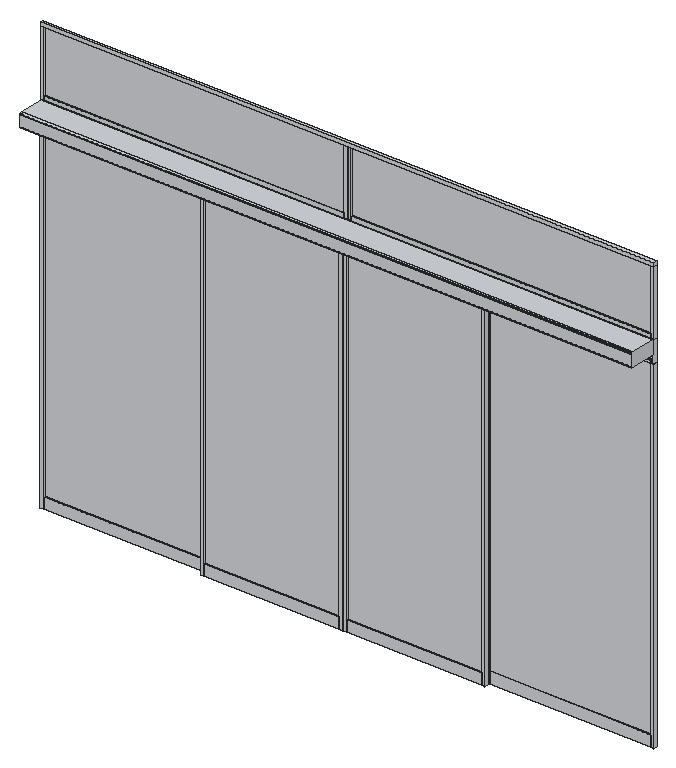
Revit family "SL510 Slim_SlimECO 2-Flg. m.Seitenteile – Laibungsmontage", category Türen, Revit 2018
Family settings
  Basisbauteil = Wand
  OmniClass-Nummer = 23.30.10.00
  OmniClass-Titel = Doors
  Immer vertikal = Ja
  Beim Laden mit Abzugskörper schneiden = Nein
  Gemeinsam genutzt = Nein
  Raumberechnungspunkt = Nein
Parameters (values of type "SL510 Slim_SlimECO 2-Flg. m.Seitenteile u.Oberlichte – Laibungsmontage")
  ohne Schutzflügel [instance] = if(or([Schutzflügel - drehbar], [Schutzflügel - drehbar + Bodenschloß], [Schutzflügel - schiebbar]), 1 = 0, 1 = 1)  # yes
  X [instance] = if(or([Schutzflügel - drehbar], [Schutzflügel - drehbar + Bodenschloß], [Schutzflügel - schiebbar]), 25 mm, 200 mm)  # 200 mm
  Warnung Abmessungen 4 [instance] = if(Oberlicht, if(Oberlicht Höhe < 250 mm, 1 = 1, if(Oberlicht Höhe > 1000 mm, 1 = 1, 1 = 0)), 1 = 0)  # no
  Warnung Abmessungen 3 [instance] = if(Seitenteil Breite < 300 mm, 1 = 1, if(Seitenteil Breite > 1500 mm, 1 = 1, 1 = 0))  # no
  Warnung Abmessungen 2 [instance] = if(Durchgangslichte Höhe < 1900 mm, 1 = 1, if(Durchgangslichte Höhe > 3000 mm, 1 = 1, 1 = 0))  # no
  Warnung Abmessungen 1 [instance] = if(Durchgangslichte Breite < 975 mm, 1 = 1, if(Durchgangslichte Breite > 3000 mm, 1 = 1, 1 = 0))  # no
  Wandaufbau Pfeilseite [instance] = 0 mm
  Wandaufbau Gegenseite [instance] = 0 mm
  Seitenteil Breite [instance] = (CL - COW) / 2 + 7.5 mm  # 1223 mm
  Schutzflügel - schiebbar [instance] = no
  Schutzflügel - drehbar + Bodenschloß [instance] = no
  Schutzflügel - drehbar [instance] = no
  SW [instance] = if(Seitenteil Breite < 300 mm, 300 mm, if(Seitenteil Breite > 1500 mm, 1500 mm, Seitenteil Breite))  # 1223 mm
  SH [instance] = if(Oberlicht, Height - OH - 156 mm, Height - 156 mm)  # 2505 mm
  Rahmen [instance] = none
  PSFW [instance] = COW / 2 + 95 mm  # 1095 mm
  PSFH [instance] = COH  # 2500 mm
  Rough Height [instance] = Höhe ab FBOK + Fußbodenaufbau  # 3361 mm
  Rough Width [instance] = Width + Montagefuge Breite * 2  # 4456 mm
  Oberlicht zweigeteilt = no
  Oberlicht Höhe = 500 mm
  Oberlicht = yes
  OH [instance] = if(Oberlicht Höhe < 250 mm, 250 mm, if(Oberlicht Höhe > 1000 mm, 1000 mm, Oberlicht Höhe))  # 500 mm
  Montagefuge Breite = 5 mm
  Kollisionskörper = no
  IFC_Widerstandsklasse = " "  # constant formula
  IFC_Selbstschliessend [instance] = 1 = 0  # no
  IFC_Schallschutzklasse = 0  # constant formula
  IFC_Rauchschutz [instance] = 1 = 0  # no
  IFC_Notausgang [instance] = no
  IFC_Luftdurchlässigkeit = 0  # constant formula
  IFC_Glasflächenanteil = 0  # constant formula
  IFC_Behindertengerecht [instance] = no
  IFC_Beanspruchungsklasse = " "  # constant formula
  IFC_Antrieb [instance] = 1 = 1  # yes
  Höhe ab FBOK berechnen = yes
  Höhe ab FBOK [instance] = if(Oberlicht, OH + COH + 156 mm + Montagefuge Breite, COH + 156 mm + Montagefuge Breite)  # 3161 mm
  Glasstärke = 8 mm
  Glas [instance] = none
  Fußbodenaufbau [instance] = 200 mm
  Freiraum [instance] = COW + ((DW + X) * 2)  # 4456 mm
  Familienversion = "1.0"  # constant formula
  Durchgangslichte Höhe [instance] = 2500 mm
  Durchgangslichte Breite [instance] = 2000 mm
  Height [instance] = if(Höhe ab FBOK berechnen, Höhe ab FBOK, Rough Height)  # 3161 mm
  Wandabschluss = Nach Basisbauteil
  Dicke = 20 mm
  DW [instance] = COW / 2 + 28 mm  # 1028 mm
  DH [instance] = COH + 55 mm  # 2555 mm
  COW [instance] = if(Durchgangslichte Breite < 975 mm, 975 mm, if(Durchgangslichte Breite > 3000 mm, 3000 mm, Durchgangslichte Breite))  # 2000 mm
  COH [instance] = if(Durchgangslichte Höhe < 1900 mm, 1900 mm, if(Durchgangslichte Höhe > 3000 mm, 3000 mm, Durchgangslichte Höhe))  # 2500 mm
  CL [instance] = if(or([Schutzflügel - drehbar], [Schutzflügel - drehbar + Bodenschloß], [Schutzflügel - schiebbar]), 2 * COW + 195 mm, 2 * COW + 431 mm)  # 4431 mm
  CH [instance] = DH + 13 mm  # 2568 mm
  Width [instance] = COW + SW * 2  # 4446 mm
  Antrieb [instance] = none
Reference planes
  plane 1: y = 0
  plane 2 "Mitte (Links/rechts)": x = 278.5
  plane 3 "Links": x = -1949.5
  plane 4 "Rechts": x = 2506.5
  plane 5: z = 3161
  plane 6 "außen": y = 75
  plane 7 "Innen": y = -75
  plane 8 "TOP": z = 2563
  plane 9 "D CL": y = 11
  plane 10 "D R": x = 282
  plane 11: z = 8
  plane 12 "COW L": x = -721.5
  plane 13 "COW R": x = 1278.5
  plane 14 "CH": z = 2568
  plane 15 "COH": z = 2500
  plane 16: z = 2656
  plane 17 "D L": x = 275
  plane 18 "Wandwaufbau Innen": y = -75
  plane 19 "Wandaufbau Außen": y = 75
  plane 20: x = -1749.5
  plane 21: x = 2306.5
  plane 22: x = -1944.5
  plane 23: x = 2501.5
  plane 24: z = 3156
  plane 25: x = -1949.5
  plane 26: x = 2506.5
  plane 27 "Basis": z = 0
  plane 28 "RD OK": z = -200
  plane 29: y = 51
  plane 30: y = 43
Lines and regions (mm)
  Opening 1
    outline origin (-3680, -75, 0) x (1, 0, 0) y (0, 0, 1)
      loop
        line (1730.5, 3161) -> (1730.5, -200) -> (6186.5, -200) -> (6186.5, 3161) -> (1730.5, 3161)
  symbolic lines, style "DoorsHiddenLines", detail levels medium+fine
    curve 1: line (-1949.5, 75, 0) -> (2506.5, 75, 0)
    curve 8: line (-1949.5, -75, 0) -> (2506.5, -75, 0)
  symbolic lines, style "DoorsHiddenLines"
    curve 2: line (1309, 21, 0) -> (2306.5, 21, 0)
    curve 3: line (2306.5, 21, 0) -> (2306.5, 1, 0)
    curve 4: line (2306.5, 1, 0) -> (1309, 1, 0)
    curve 5: line (-752, 21, 0) -> (-1749.5, 21, 0)
    curve 6: line (-1749.5, 21, 0) -> (-1749.5, 1, 0)
    curve 7: line (-1749.5, 1, 0) -> (-752, 1, 0)
    curve 9: line (-1949.5, -4, 0) -> (-1949.5, 26, 0)
    curve 10: line (2506.5, -4, 0) -> (2506.5, 26, 0)
Text (mm)
  text "Exterior" at (-3174.321, 1099.543, 0), in view "Ref.-Ebene"
  text "Exterior" at (0, 1615.38, 3698.081), in view "Links"
  text "Exterior" at (0, 1036.032, 3874.932), in view "Rechts"
Dimensions and locks
  equal spacing: plane 3 "Links", plane 2 "Mitte (Links/rechts)", plane 4 "Rechts"
  "Width": plane 22 to plane 23
  "Höhe ab FBOK": level to plane 5
  locked: plane 6 "außen" to host wall at 0
  locked: plane 7 "Innen" to host wall
  plane 3 "Links" to plane 2 "Mitte (Links/rechts)" to plane 4 "Rechts" = 2228 mm, 2228 mm
  plane 19 "Wandaufbau Außen" to plane 9 "D CL" = 64 mm
  "CH": plane 14 "CH" to level
  "DH": plane 8 "TOP" to plane 11
  locked: plane 11 to level at 8
  "COH": plane 15 "COH" to level
  "OH": plane 24 to plane 16
  equal spacing: plane 12 "COW L", plane 2 "Mitte (Links/rechts)", plane 13 "COW R"
  "COW": plane 12 "COW L" to plane 13 "COW R"
  "Wandaufbau Pfeilseite": plane 18 "Wandwaufbau Innen" to plane 7 "Innen"
  "Wandaufbau Gegenseite": plane 19 "Wandaufbau Außen" to plane 6 "außen"
  plane 18 "Wandwaufbau Innen" to nested 4 = 134 mm
  "DW": plane 13 "COW R" to plane 21
  "DW": plane 20 to plane 12 "COW L"
  "Montagefuge Breite": plane 23 to plane 4 "Rechts"
  "Montagefuge Breite": plane 3 "Links" to plane 22
  "Montagefuge Breite": plane 5 to plane 24
  "X": plane 21 to plane 26
  "X": plane 25 to plane 20
  "Fußbodenaufbau": level to plane 28 "RD OK"
  locked: plane 19 "Wandaufbau Außen" to nested 4 at 16
  locked: plane 19 "Wandaufbau Außen" to plane 29 at 24
  locked: plane 19 "Wandaufbau Außen" to plane 30 at 32
  aligned and locked: host wall to plane 1
  aligned and locked: nested 1 to plane 9 "D CL"
  aligned and locked: plane 5 to Opening 1 sketch curve
  aligned and locked: plane 4 "Rechts" to Opening 1 sketch curve
  aligned and locked: Opening 1 sketch curve to plane 3 "Links"
  aligned and locked: nested 3 to plane 11  (x2)
  aligned and locked: plane 3 "Links" to nested 4
  aligned and locked: plane 9 "D CL" to nested 5
  aligned and locked: plane 17 "D L" to nested 5
  aligned and locked: plane 10 "D R" to nested 1
  aligned and locked: curve 1 to plane 19 "Wandaufbau Außen"
  aligned and locked: plane 4 "Rechts" to curve 1
  aligned and locked: plane 3 "Links" to curve 1
  aligned and locked: plane 20 to curve 6
  aligned and locked: plane 21 to curve 3
  aligned and locked: plane 13 "COW R" to nested 7
  aligned and locked: plane 12 "COW L" to nested 8
  aligned and locked: plane 18 "Wandwaufbau Innen" to curve 8
  aligned and locked: nested 6 to plane 22
  aligned and locked: nested 3 to plane 23
  aligned and locked: plane 24 to nested 4
  aligned and locked: level to plane 27 "Basis"
  aligned and locked: plane 28 "RD OK" to Opening 1 sketch curve
  aligned and locked: nested 3 to plane 29
  aligned and locked: plane 29 to nested 6
  aligned and locked: nested 7 to nested 10
  aligned and locked: plane 4 "Rechts" to curve 8
  aligned and locked: plane 3 "Links" to curve 8
  aligned and locked: plane 2 "Mitte (Links/rechts)" to nested 2
  aligned and locked: nested 10 to plane 2 "Mitte (Links/rechts)"
  aligned and locked: nested 10 to plane 25
  aligned and locked: plane 26 to nested 10
  aligned and locked: nested 10 to plane 9 "D CL"
  aligned and locked: plane 30 to nested 6
  aligned and locked: plane 30 to nested 8
  aligned and locked: nested 2 to plane 30
Automatic sketch dimensions
  plane 9 "D CL" to curve 6 = 10 mm
  plane 9 "D CL" to curve 3 = 10 mm
  curve 7 to plane 9 "D CL" = 10 mm
  curve 4 to plane 9 "D CL" = 10 mm
  plane 12 "COW L" to curve 5 = 30.5 mm
  curve 7 to curve 5 = 0 mm
  curve 2 to plane 13 "COW R" = 30.5 mm
  curve 4 to curve 2 = 0 mm
  curve 9 to plane 25 = 0 mm
  curve 10 to plane 26 = 0 mm
  curve 9 to plane 9 "D CL" = 15 mm
  curve 10 to plane 9 "D CL" = 15 mm
  plane 9 "D CL" to curve 9 = 15 mm
  plane 9 "D CL" to curve 10 = 15 mm
Nested families
  nested 1: "Flügel" at (796, 11, 0), type "Flügel"
    with Aufkleber rechte Seite yes, Aufkleber linke Seite no, Height 3156 mm, DW 1028 mm, DH 2555 mm
  nested 2: "Antrieb_SL510_Träger_2_Flügel" at (278.5, 43, 0), type "Antrieb_SL510_Träger_2_Flügel"
    with Rough Width 4220 mm, Freiraum 4456 mm, CL 4431 mm, CH 2568 mm
  nested 3: "Seitenlicht_Träger" at (1890, 63, 0), type "Seitenlicht_Träger"
    with SW 1223 mm, Height 3156 mm
  nested 4: "Oberlicht" at (273.5, 59, 656), visible <- "Oberlicht", type "Oberlicht"
    with Oberlicht zweigeteilt no, OW 4446 mm
  nested 5: "Flügel" at (-239, 11, 0) x (-1, 0, 0) z (0, 0, 1), type "Flügel"
    with Aufkleber rechte Seite no, Aufkleber linke Seite yes, Height 3156 mm, DW 1028 mm, DH 2555 mm
  nested 6: "Seitenlicht_Träger" at (-1333, 63, 0) x (-1, 0, 0) z (0, 0, 1), type "Seitenlicht_Träger"
    with SW 1223 mm, Height 3156 mm
  nested 7: "Sicherheitsflügel" at (1888.5, 64, 0), type "Sicherheitsflügel"
    with Schutzflügel - schiebbar no, Schutzflügel - drehbar + Bodenschloß no, Schutzflügel - drehbar no, PSFW 1095 mm, PSFH 2500 mm, Height 2513 mm
  nested 8: "Sicherheitsflügel" at (-1331.5, 63.5, 0) x (-1, 0, 0) z (0, 0, 1), type "Sicherheitsflügel"
    with Schutzflügel - schiebbar no, Schutzflügel - drehbar + Bodenschloß no, Schutzflügel - drehbar no, PSFW 1095 mm, PSFH 2500 mm, Height 2513 mm
  nested 9: "Warnung" at (278.5, -825, 0), type "Warnung"
  nested 10: "Kollisionskörper_2" at (1278.5, 11, 0), visible <- "Kollisionskörper", type "Kollisionskörper_2"
    with Height 2000 mm, Dicke 500 mm, Width 2228 mm, Schutzflügel - schiebbar no, Schutzflügel - drehbar + Bodenschloß no, Schutzflügel - drehbar no, PSFH 2500 mm, COH 2500 mm
Definition of nested family "Flügel"
  Parameters (values of type "Flügel")
    Rahmen = none
    Height = 2500 mm
    Glasstärke = 8 mm
    Glas = none
    Familienversion = "1.0"  # constant formula
    DW = 1026 mm
    DH = 2510 mm
    Aufkleber rechte Seite [instance] = yes
    Aufkleber linke Seite [instance] = yes
    Analytic Construction = "<Keine Auswahl>"
  Reference planes
    plane 1 "Mitte (Vorne/hinten)": y = 0
    plane 2: z = 0
    plane 3 "Mitte (Links/rechts)": x = 0
    plane 4 "Links": x = -513
    plane 5 "Rechts": x = 513
    plane 6 "Oben": z = 2500
    plane 7 "Pfeil": y = -110
    plane 8: z = 8
    plane 9 "D Außen": y = 10
    plane 10 "D Innen": y = -10
    plane 11 "Glas Außen": y = 6
    plane 12 "DH": z = 2518
    plane 13: x = -256.5
    plane 14 "Pfeil Außen": y = 6
  Forms (mm)
    Sweep 1, solid, material <- "Rahmen", detail levels medium+fine
      path origin (0, 0, 0) x (1, 0, 0) y (0, 0, 1)
        loop
          line (-490, 2518) -> (490, 2518)
      profile "Flügel_Oberteil : Flügel_Oberteil" origin (0, 0, 2518) x (0, 0, 1) y (0, -1, 0)
        loop
          line (0, -22.5) -> (0, 22.5) -> (-3, 22.5) -> (-3, 19.5) -> (-14, 19.5) -> (-14, 15)
          arc (-14, 15) -> (-15.464, 11.464) -> (-19, 10) r 5
          line (-19, 10) -> (-68, 10) -> (-68, -10) -> (-19, -10)
          arc (-19, -10) -> (-15.464, -11.464) -> (-14, -15) r 5
          line (-14, -15) -> (-14, -19.5) -> (-3, -19.5) -> (-3, -22.5) -> (0, -22.5)
    Sweep 2, solid, material <- "Rahmen", detail levels medium+fine
      path origin (0, 0, 0) x (1, 0, 0) y (0, 0, 1)
        loop
          line (-490, 0) -> (490, 0)
      profile "Flügel_Unterteil : Flügel_Unterteil" origin (0, 0, 0) x (0, 0, 1) y (0, -1, 0)
        loop
          line (88, -10) -> (88, 10) -> (8, 10) -> (8, -10) -> (88, -10)
    Sweep 3, solid, material <- "Rahmen", detail levels medium+fine
      path origin (0, 0, 0) x (1, 0, 0) y (0, 0, 1)
        loop
          line (-513, 8) -> (-513, 2518)
      profile "Flügel_Seitenteil : Flügel_Seitenteil" origin (-513, 0, 1263) x (-1, 0, 0) y (0, -1, 0)
        loop
          line (-23, 10) -> (-23, -10) -> (0, -10) -> (0, 10) -> (-23, 10)
    Sweep 4, solid, material <- "Rahmen", detail levels medium+fine
      path origin (0, 0, 0) x (1, 0, 0) y (0, 0, 1)
        loop
          line (513, 8) -> (513, 2518)
      profile "Flügel_Seitenteil : Flügel_Seitenteil" origin (513, 0, 1263) x (-1, 0, 0) y (0, -1, 0)
        loop
          line (23, 10) -> (0, 10) -> (0, -10) -> (23, -10) -> (23, 10)
    Extrusion 5, solid, material <- "Glas", detail levels medium+fine
      sketch origin (0, 6, 0) x (1, 0, 0) y (0, 0, 1)
        loop
          line (-490, 2450) -> (-490, 88) -> (490, 88) -> (490, 2450) -> (-490, 2450)
      from 0 to 8 <- "Glasstärke"
    Extrusion 6, solid, material <- "Rahmen", detail levels coarse
      sketch origin (0, 0, 0) x (1, 0, 0) y (0, 0, 1)
        loop
          line (-513, 8) -> (513, 8) -> (513, 2518) -> (-513, 2518) -> (-513, 8)
      from -10 to 10
  Lines and regions (mm)
    symbolic lines
      curve 1: line (-185, -110, 0) -> (65, -110, 0)
      curve 2: line (65, -142.154, 0) -> (185, -110, 0)
      curve 3: line (65, -77.846, 0) -> (65, -142.154, 0)
      curve 4: line (65, -77.846, 0) -> (185, -110, 0)
      curve 5: line (-240, -110, 1259) -> (120, -110, 1259)
      curve 6: line (120, -110, 1226.846) -> (120, -110, 1291.154)
      curve 7: line (240, -110, 1259) -> (120, -110, 1226.846)
      curve 8: line (240, -110, 1259) -> (120, -110, 1291.154)
  Dimensions and locks
    "Height": plane 6 "Oben" to level
    equal spacing: plane 5 "Rechts", plane 3 "Mitte (Links/rechts)", plane 4 "Links"
    "DW": plane 4 "Links" to plane 5 "Rechts"
    locked: Extrusion 6 sketch curve to level at 8
    locked: plane 8 to level at 8
    locked: plane 11 "Glas Außen" to plane 9 "D Außen" at 4
    "DH": plane 12 "DH" to plane 8
    plane 12 "DH" to level = 2518 mm
    equal spacing: plane 12 "DH", curve 5, level
    equal spacing: plane 4 "Links", plane 13, plane 3 "Mitte (Links/rechts)"
    aligned and locked: level to plane 2
    aligned and locked: Sweep 3 sketch curve to plane 4 "Links"
    aligned and locked: Sweep 1 to Sweep 3 sketch curve
    aligned and locked: Sweep 3 sketch curve to Sweep 2
    aligned and locked: Sweep 4 sketch curve to plane 5 "Rechts"
    aligned and locked: Sweep 4 sketch curve to Sweep 1
    aligned and locked: Sweep 2 to Sweep 4 sketch curve
    aligned and locked: Extrusion 5 sketch curve to Sweep 1
    aligned and locked: Extrusion 5 sketch curve to Sweep 2  (x2)
    aligned and locked: Extrusion 6 sketch curve to Sweep 3
    aligned and locked: Extrusion 6 sketch curve to Sweep 4  (x2)
    aligned and locked: Extrusion 6 to Sweep 3  (x2)
    aligned and locked: Sweep 3 to Extrusion 5 sketch curve
    aligned and locked: plane 9 "D Außen" to Extrusion 6
    aligned and locked: plane 10 "D Innen" to Extrusion 6
    aligned and locked: plane 12 "DH" to Sweep 1
    aligned and locked: Sweep 1 sketch curve to plane 12 "DH"
    aligned and locked: plane 14 "Pfeil Außen" to plane 11 "Glas Außen"
    aligned and locked: nested 1 to plane 14 "Pfeil Außen"
    aligned and locked: nested 2 to plane 14 "Pfeil Außen"
  Automatic sketch dimensions
    Sweep 2 sketch curve to level = 0 mm
    Sweep 2 sketch curve to plane 4 "Links" = 23 mm
    plane 5 "Rechts" to Sweep 2 sketch curve = 23 mm
    plane 5 "Rechts" to Sweep 1 sketch curve = 23 mm
    Sweep 1 sketch curve to plane 4 "Links" = 23 mm
    curve 1 to plane 7 "Pfeil" = 0 mm
    curve 2 to plane 7 "Pfeil" = 0 mm
    plane 3 "Mitte (Links/rechts)" to curve 4 = 185 mm
    curve 3 to plane 7 "Pfeil" = 32.154 mm
    plane 3 "Mitte (Links/rechts)" to curve 3 = 65 mm
    plane 7 "Pfeil" to curve 3 = 32.154 mm
    curve 1 to plane 3 "Mitte (Links/rechts)" = 185 mm
    curve 5 to plane 3 "Mitte (Links/rechts)" = 240 mm
    curve 6 to curve 5 = 32.154 mm
    curve 5 to curve 6 = 32.154 mm
    curve 7 to curve 5 = 0 mm
    plane 3 "Mitte (Links/rechts)" to curve 8 = 120 mm
    plane 3 "Mitte (Links/rechts)" to curve 8 = 240 mm
  Nested families
    nested 1: "Pfeil_Aufkleber" at (-319.498, 2, 1500) x (-1, 0, 0) z (0, 0, 1), visible <- "Aufkleber rechte Seite", type "Pfeil_Aufkleber", detail levels medium+fine
    nested 2: "Pfeil_Aufkleber" at (-319.498, 2, 1500) x (-1, 0, 0) z (0, 0, 1), visible <- "Aufkleber linke Seite", type "Pfeil_Aufkleber", detail levels medium+fine
  Definition of nested family "Pfeil_Aufkleber"
    Parameters (values of type "Pfeil_Aufkleber")
      Familienversion = "1.0"  # constant formula
      Thickness = 8 mm
      Analytic Construction = "<Keine Auswahl>"
    Reference planes
      plane 1 "Mitte (Vorne/hinten)": y = 0
      plane 2: z = 0
      plane 3 "Mitte (Links/rechts)": x = 0
      plane 4 "Innen": y = -4
      plane 5 "Außen": y = 4
    Dimensions and locks
      equal spacing: plane 5 "Außen", plane 1 "Mitte (Vorne/hinten)", plane 4 "Innen"
      "Thickness": plane 5 "Außen" to plane 4 "Innen"
      aligned and locked: level to plane 2
      aligned and locked: plane 3 "Mitte (Links/rechts)" to nested 1
      aligned and locked: nested 1 to plane 2
      aligned and locked: nested 2 to plane 3 "Mitte (Links/rechts)"
      aligned and locked: nested 2 to plane 2
    Nested families
      nested 1: "Aufkleber" at (0, -4, 0) x (1, 0, 0) z (0, -1, 0), type "Aufkleber"
        with Vorderseite yes, Rückseite no
      nested 2: "Aufkleber" at (0, 4, 0) x (-1, 0, 0) z (0, 1, 0), type "Aufkleber"
        with Vorderseite no, Rückseite yes
    Definition of nested family "Aufkleber"
      Parameters (values of type "Aufkleber")
        Default Elevation = 1219.2 mm
        Vorderseite [instance] = yes
        Rückseite [instance] = yes
        Familienversion = "1.0"  # constant formula
        Analytic Construction = "<Keine Auswahl>"
      Reference planes
        plane 1 "Mitte (Vorne/hinten)": y = 0
        plane 2: z = 0
        plane 3 "Mitte (Links/rechts)": x = 0
      Lines and regions (mm)
        model lines, visible <- "Rückseite"
          curve 1: arc (-92.642, -15.384, 0) -> (-93.502, -17.51, 0) -> (-92.628, -19.631, 0) r 3.034
          curve 2: line (-79.836, -2.384, 0) -> (-92.652, -15.374, 0)
          curve 3: arc (-74.141, -0.002, 0) -> (-77.228, -0.622, 0) -> (-79.836, -2.384, 0) r 8
          curve 4: line (-23.502, -0.002, 0) -> (-74.141, -0.002, 0)
          curve 5: arc (-20.502, -3.002, 0) -> (-21.381, -0.881, 0) -> (-23.502, -0.002, 0) r 3
          curve 6: line (-20.502, -31.998, 0) -> (-20.502, -3.002, 0)
          curve 7: arc (-23.502, -34.998, 0) -> (-21.381, -34.12, 0) -> (-20.502, -31.998, 0) r 3
          curve 8: line (-74.141, -34.998, 0) -> (-23.502, -34.998, 0)
          curve 9: arc (-79.836, -32.617, 0) -> (-77.227, -34.379, 0) -> (-74.141, -34.998, 0) r 8
          curve 10: line (-92.637, -19.641, 0) -> (-79.836, -32.617, 0)
          curve 11: line (17.507, 0, 0) -> (-11.51, 0, 0)
          curve 12: arc (-11.51, 0, 0) -> (-13.624, -0.881, 0) -> (-14.502, -2.996, 0) r 3.003
          curve 13: line (-14.502, -2.996, 0) -> (-14.502, -31.991, 0)
          curve 14: arc (-14.502, -31.991, 0) -> (-13.628, -34.115, 0) -> (-11.51, -35, 0) r 3.002
          curve 15: line (-11.51, -35, 0) -> (17.507, -35, 0)
          curve 16: arc (17.507, -35, 0) -> (19.62, -34.119, 0) -> (20.498, -32.004, 0) r 3.002
          curve 17: line (20.498, -32.004, 0) -> (20.498, -2.996, 0)
          curve 18: arc (20.498, -2.996, 0) -> (19.62, -0.881, 0) -> (17.507, 0, 0) r 3.003
          curve 19: line (49.498, 0, 0) -> (32.498, 0, 0)
          curve 20: arc (32.498, 0, 0) -> (30.377, -0.879, 0) -> (29.498, -3, 0) r 3
          curve 21: line (29.498, -3, 0) -> (29.498, -32, 0)
          curve 22: arc (29.498, -32, 0) -> (30.377, -34.121, 0) -> (32.498, -35, 0) r 3
          curve 23: line (32.498, -35, 0) -> (49.498, -35, 0)
          curve 24: arc (49.498, -35, 0) -> (51.619, -34.121, 0) -> (52.498, -32, 0) r 3
          curve 25: line (52.498, -32, 0) -> (52.498, -3, 0)
          curve 26: arc (52.498, -3, 0) -> (51.619, -0.879, 0) -> (49.498, 0, 0) r 3
          curve 27: line (64.498, -3, 0) -> (64.498, -32, 0)
          curve 28: arc (67.498, 0, 0) -> (65.377, -0.879, 0) -> (64.498, -3, 0) r 3
          curve 29: line (74.143, 0, 0) -> (67.498, 0, 0)
          curve 30: arc (79.84, -2.384, 0) -> (77.23, -0.62, 0) -> (74.143, 0, 0) r 8
          curve 31: line (92.625, -15.352, 0) -> (79.84, -2.384, 0)
          curve 32: arc (92.626, -19.627, 0) -> (93.498, -17.492, 0) -> (92.615, -15.362, 0) r 3.029
          curve 33: line (79.839, -32.616, 0) -> (92.636, -19.637, 0)
          curve 34: arc (74.142, -35, 0) -> (77.23, -34.38, 0) -> (79.839, -32.616, 0) r 8
          curve 35: line (67.498, -35, 0) -> (74.142, -35, 0)
          curve 36: arc (64.498, -32, 0) -> (65.377, -34.121, 0) -> (67.498, -35, 0) r 3
        model lines, visible <- "Vorderseite"
          curve 37: arc (-92.639, -15.386, 0) -> (-93.498, -17.509, 0) -> (-92.626, -19.627, 0) r 3.029
          curve 38: line (-79.84, -2.384, 0) -> (-92.649, -15.376, 0)
          curve 39: arc (-74.143, 0, 0) -> (-77.23, -0.62, 0) -> (-79.84, -2.384, 0) r 8
          curve 40: line (-67.498, 0, 0) -> (-74.143, 0, 0)
          curve 41: arc (-64.498, -3, 0) -> (-65.377, -0.879, 0) -> (-67.498, 0, 0) r 3
          curve 42: line (-64.498, -32, 0) -> (-64.498, -3, 0)
          curve 43: arc (-67.498, -35, 0) -> (-65.377, -34.121, 0) -> (-64.498, -32, 0) r 3
          curve 44: line (-74.142, -35, 0) -> (-67.498, -35, 0)
          curve 45: arc (-79.839, -32.616, 0) -> (-77.23, -34.38, 0) -> (-74.142, -35, 0) r 8
          curve 46: line (-92.636, -19.637, 0) -> (-79.839, -32.616, 0)
          curve 47: line (-52.498, -3, 0) -> (-52.498, -32, 0)
          curve 48: arc (-52.498, -32, 0) -> (-51.619, -34.121, 0) -> (-49.498, -35, 0) r 3
          curve 49: line (-49.498, -35, 0) -> (-32.498, -35, 0)
          curve 50: arc (-32.498, -35, 0) -> (-30.377, -34.121, 0) -> (-29.498, -32, 0) r 3
          curve 51: line (-29.498, -32, 0) -> (-29.498, -3, 0)
          curve 52: arc (-29.498, -3, 0) -> (-30.377, -0.879, 0) -> (-32.498, 0, 0) r 3
          curve 53: line (-32.498, 0, 0) -> (-49.498, 0, 0)
          curve 54: arc (-49.498, 0, 0) -> (-51.619, -0.879, 0) -> (-52.498, -3, 0) r 3
          curve 55: line (-20.498, -2.996, 0) -> (-20.498, -32.004, 0)
          curve 56: arc (-20.498, -32.004, 0) -> (-19.62, -34.119, 0) -> (-17.507, -35, 0) r 3.002
          curve 57: line (-17.507, -35, 0) -> (11.51, -35, 0)
          curve 58: arc (11.51, -35, 0) -> (13.628, -34.115, 0) -> (14.502, -31.991, 0) r 3.002
          curve 59: line (14.502, -31.991, 0) -> (14.502, -2.996, 0)
          curve 60: arc (14.502, -2.996, 0) -> (13.624, -0.881, 0) -> (11.51, 0, 0) r 3.003
          curve 61: line (11.51, 0, 0) -> (-17.507, 0, 0)
          curve 62: arc (-17.507, 0, 0) -> (-19.62, -0.881, 0) -> (-20.498, -2.996, 0) r 3.003
          curve 63: arc (92.628, -19.631, 0) -> (93.502, -17.494, 0) -> (92.619, -15.36, 0) r 3.034
          curve 64: line (92.628, -15.35, 0) -> (79.836, -2.384, 0)
          curve 65: arc (79.836, -2.384, 0) -> (77.228, -0.622, 0) -> (74.141, -0.002, 0) r 8
          curve 66: line (74.141, -0.002, 0) -> (23.502, -0.002, 0)
          curve 67: arc (23.502, -0.002, 0) -> (21.381, -0.881, 0) -> (20.502, -3.002, 0) r 3
          curve 68: line (20.502, -3.002, 0) -> (20.502, -31.998, 0)
          curve 69: arc (20.502, -31.998, 0) -> (21.381, -34.12, 0) -> (23.502, -34.998, 0) r 3
          curve 70: line (23.502, -34.998, 0) -> (74.141, -34.998, 0)
          curve 71: arc (74.141, -34.998, 0) -> (77.227, -34.379, 0) -> (79.836, -32.617, 0) r 8
          curve 72: line (79.836, -32.617, 0) -> (92.637, -19.641, 0)
      Dimensions and locks
        aligned and locked: level to plane 2
Definition of nested family "Antrieb_SL510_Träger_2_Flügel"
  Parameters (values of type "Antrieb_SL510_Träger_2_Flügel")
    ohne Schutzflügel = yes
    Rough Width = 6000 mm
    Projektion = if(ohne Schutzflügel, 1 = 0, 1 = 1)  # no
    Freiraum = 4000 mm
    Familienversion = "1.0"  # constant formula
    CL = 3600 mm
    CH = 2100 mm
    Antrieb = none
  Reference planes
    plane 1 "Mitte (Vorne/hinten)": y = 0
    plane 2: z = 0
    plane 3 "Mitte (Links/rechts)": x = 0
    plane 4: y = -198
    plane 5 "CH": z = 2100
    plane 6 "CL L": x = -1800
    plane 7 "CL R": x = 1800
    plane 8: z = 2187
    plane 9: y = -276
    plane 10: z = 2064
    plane 11: y = -276
    plane 12: x = -2000
    plane 13: y = -542.5
    plane 14: x = 2000
  Forms (mm)
    Sweep 1, solid, material <- "Antrieb", detail levels medium+fine
      path origin (0, 0, 2100) x (0, 1, 0) y (-1, 0, 0)
        loop
          line (0, 1798) -> (0, -1798)
      profile "SL510 : SL510" origin (0, 0, 2100) x (0, 1, 0) y (0, 0, 1)
        loop
          line (0, 85.95) -> (-2.514, 88.45) -> (-181.354, 87.464) -> (-195.4, 85.46) -> (-195.4, 81.902) -> (-197.88, 77.845) -> (-197.88, 1.901) -> (-190.917, -12) -> (-74.88, -12) -> (-74.88, 26.397) -> (0, 26.397) -> (0, 85.95)
    Extrusion 2, solid, material <- "Antrieb", detail levels medium+fine
      sketch origin (-1800, 0, 0) x (0, -1, 0) y (0, 0, 1)
        loop
          line (195.4, 2185.46) -> (181.354, 2187.464) -> (2.514, 2188.45) -> (0, 2185.95) -> (0, 2088) -> (190.917, 2088) -> (197.88, 2101.901) -> (197.88, 2177.845) -> (195.4, 2181.902) -> (195.4, 2185.46)
      from 0 to -2
    Extrusion 3, solid, material <- "Antrieb", detail levels medium+fine
      sketch origin (1800, 0, 0) x (0, -1, 0) y (0, 0, 1)
        loop
          line (181.354, 2187.464) -> (2.514, 2188.45) -> (0, 2185.95) -> (0, 2088) -> (190.917, 2088) -> (197.88, 2101.901) -> (197.88, 2177.845) -> (195.4, 2181.902) -> (195.4, 2185.46) -> (181.354, 2187.464)
      from 0 to 2
    Sweep 4, solid, material <- "Antrieb", detail levels coarse
      path origin (0, 0, 2100) x (0, 1, 0) y (-1, 0, 0)
        loop
          line (0, 1800) -> (0, -1800)
      profile origin (0, 0, 2100) x (0, 1, 0) y (0, 0, 1)
        loop
          line (32, 88) -> (-0.995, 88) -> (-0.995, -68) -> (32, -68) -> (32, 88)
    Sweep 5, solid, material <- "Antrieb", detail levels medium+fine
      path origin (0, 0, 2100) x (0, 1, 0) y (-1, 0, 0)
        loop
          line (0, -1800) -> (0, 1800)
      profile "SL510_Träger : SL510_Träger" origin (0, 0, 2100) x (0, -1, 0) y (0, 0, 1)
        loop
          line (-32, 88) -> (-32, -68) -> (0.995, -68) -> (0.995, -47) -> (3.335, -47)
          arc (3.335, -47) -> (4.501, -46.533) -> (5, -45.38) r 1.65
          line (5, -45.38) -> (5, -37.554)
          arc (5, -37.554) -> (4.764, -34.996) -> (4.095, -32.515) r 15
          line (4.095, -32.515) -> (0.905, -23.748)
          arc (0.905, -23.748) -> (0.229, -21.23) -> (0, -18.633) r 15
          line (0, -18.633) -> (0, 88) -> (-32, 88)
    Sweep 6, solid, material <- "Antrieb", detail levels coarse
      path origin (0, 0, 2100) x (0, 1, 0) y (-1, 0, 0)
        loop
          line (0, 1800) -> (0, -1800)
      profile origin (0, 0, 2100) x (0, 1, 0) y (0, 0, 1)
        loop
          line (-0.995, 88) -> (-197.88, 88) -> (-197.88, -12) -> (-0.995, -12) -> (-0.995, 88)
    Extrusion 7, void
      sketch origin (-1800, -0.995, 2088) x (-1, 0, 0) y (0, -1, 0)
        loop
          line (-2, 73.885) -> (-3598, 73.885) -> (-3598, 0) -> (-2, 0) -> (-2, 73.885)
      from 0 to 38.397
  Cuts and joins
    Extrusion 7 cuts Sweep 1
    Extrusion 7 cuts Extrusion 2
    Extrusion 7 cuts Extrusion 3
    joined: Sweep 1, Extrusion 2, Extrusion 3
    Extrusion 7 cuts Sweep 4
    Extrusion 7 cuts Sweep 6
  Lines and regions (mm)
    symbolic lines, visible <- "Projektion"
      curve 1: line (-1800, 0, 2100) -> (-1800, -276, 2100)
      curve 2: line (-1800, -276, 2100) -> (1800, -276, 2100)
      curve 3: line (1800, -276, 2100) -> (1800, 0, 2100)
    model lines, not visible
      curve 4: line (0, 0, 2100) -> (0, 0, 0)
    symbolic lines, detail levels medium+fine
      curve 5: line (0, -198, 2187) -> (0, -261.859, 2187)
      curve 6: line (0, -261.859, 2187) -> (0, -276, 2179.917)
      curve 7: line (0, -276, 2179.917) -> (0, -276, 2064)
    symbolic lines, detail levels coarse
      curve 8: line (0, -198, 2187) -> (0, -276, 2187)
      curve 9: line (0, -276, 2187) -> (0, -276, 2064)
    symbolic lines, visible <- "ohne Schutzflügel"
      curve 10: line (-2000, 0, 2100) -> (-2000, -542.5, 2100)
      curve 11: line (-2000, -542.5, 2100) -> (2000, -542.5, 2100)
      curve 12: line (2000, -542.5, 2100) -> (2000, 0, 2100)
  Dimensions and locks
    plane 1 "Mitte (Vorne/hinten)" to plane 4 = 198 mm
    "CH": plane 5 "CH" to level
    equal spacing: plane 6 "CL L", plane 3 "Mitte (Links/rechts)", plane 7 "CL R"
    "CL": plane 6 "CL L" to plane 7 "CL R"
    locked: plane 4 to plane 9 at 78
    locked: plane 8 to plane 5 "CH" at 87
    locked: plane 8 to plane 10 at 123
    plane 4 to plane 11 = 78 mm
    "Freiraum": plane 12 to plane 14
    plane 1 "Mitte (Vorne/hinten)" to plane 13 = 542.5 mm
    equal spacing: plane 12, plane 3 "Mitte (Links/rechts)", plane 14
    aligned and locked: level to plane 2
    aligned and locked: Extrusion 2 to Sweep 1 sketch curve
    aligned and locked: Sweep 1 sketch curve to Extrusion 3
    aligned and locked: plane 1 "Mitte (Vorne/hinten)" to Sweep 4 sketch curve
    aligned and locked: plane 5 "CH" to Sweep 5 sketch curve
    aligned and locked: level to curve 4
    aligned and locked: plane 5 "CH" to curve 4
    aligned and locked: Sweep 4 sketch curve to Sweep 5  (x4)
    aligned and locked: Sweep 5 sketch curve to plane 1 "Mitte (Vorne/hinten)"
    aligned and locked: plane 1 "Mitte (Vorne/hinten)" to Sweep 1 sketch curve
    aligned and locked: plane 1 "Mitte (Vorne/hinten)" to Sweep 6 sketch curve
    aligned and locked: plane 6 "CL L" to curve 1
    aligned and locked: plane 6 "CL L" to Sweep 6 sketch curve
    aligned and locked: plane 7 "CL R" to Sweep 6 sketch curve
    aligned and locked: curve 5 to plane 8
    aligned and locked: curve 7 to plane 9
    aligned and locked: plane 10 to curve 7
    aligned and locked: plane 4 to curve 5
    aligned and locked: curve 2 to plane 11
    aligned and locked: curve 8 to plane 8
    aligned and locked: plane 11 to curve 9
    aligned and locked: plane 10 to curve 9
    aligned and locked: plane 4 to curve 8
    aligned and locked: Extrusion 7 to Sweep 1
    aligned and locked: curve 12 to plane 14
    aligned and locked: curve 11 to plane 13
    aligned and locked: plane 12 to curve 10
    aligned and locked: plane 1 "Mitte (Vorne/hinten)" to curve 10
    aligned and locked: plane 1 "Mitte (Vorne/hinten)" to curve 12
    aligned and locked: plane 1 "Mitte (Vorne/hinten)" to curve 3
    aligned and locked: plane 1 "Mitte (Vorne/hinten)" to curve 1
    aligned and locked: plane 6 "CL L" to Sweep 5 sketch curve
    aligned and locked: plane 7 "CL R" to Sweep 5 sketch curve
    aligned and locked: plane 6 "CL L" to Sweep 4 sketch curve
    aligned and locked: plane 7 "CL R" to Sweep 4 sketch curve
  Automatic sketch dimensions
    level to curve 4 = 0 mm
    curve 4 to plane 3 "Mitte (Links/rechts)" = 0 mm
    curve 4 to plane 5 "CH" = 0 mm
    plane 1 "Mitte (Vorne/hinten)" to Sweep 5 sketch curve = 0 mm
    plane 5 "CH" to Sweep 6 sketch curve = 88 mm
    profile plane to Sweep 6 sketch curve = 197.88 mm
    Sweep 6 sketch curve to plane 5 "CH" = 12 mm
    profile plane to Sweep 6 sketch curve = 0.995 mm
    Extrusion 2 sketch curve to plane 1 "Mitte (Vorne/hinten)" = 0 mm
    plane 1 "Mitte (Vorne/hinten)" to Extrusion 2 sketch curve = 2.514 mm
    plane 4 to Extrusion 2 sketch curve = 16.646 mm
    plane 4 to Extrusion 2 sketch curve = 7.083 mm
    plane 4 to Extrusion 2 sketch curve = 2.6 mm
    plane 4 to Extrusion 2 sketch curve = 0.12 mm
    Extrusion 2 sketch curve to plane 5 "CH" = 12 mm
    plane 5 "CH" to Extrusion 2 sketch curve = 1.901 mm
    Extrusion 2 sketch curve to Extrusion 2 sketch curve = 75.944 mm
    Extrusion 2 sketch curve to Extrusion 2 sketch curve = 4.056 mm
    Extrusion 2 sketch curve to Extrusion 2 sketch curve = 3.559 mm
    plane 5 "CH" to Extrusion 2 sketch curve = 85.95 mm
    Extrusion 2 sketch curve to Extrusion 2 sketch curve = 2.004 mm
    Extrusion 2 sketch curve to Extrusion 2 sketch curve = 2.5 mm
    Extrusion 3 sketch curve to plane 1 "Mitte (Vorne/hinten)" = 0 mm
    plane 1 "Mitte (Vorne/hinten)" to Extrusion 3 sketch curve = 2.514 mm
    plane 4 to Extrusion 3 sketch curve = 16.646 mm
    plane 4 to Extrusion 3 sketch curve = 7.083 mm
    plane 4 to Extrusion 3 sketch curve = 2.6 mm
    plane 4 to Extrusion 3 sketch curve = 0.12 mm
    Extrusion 3 sketch curve to plane 5 "CH" = 12 mm
    plane 5 "CH" to Extrusion 3 sketch curve = 1.901 mm
    Extrusion 3 sketch curve to Extrusion 3 sketch curve = 75.944 mm
    Extrusion 3 sketch curve to Extrusion 3 sketch curve = 4.056 mm
    Extrusion 3 sketch curve to Extrusion 3 sketch curve = 3.559 mm
    plane 5 "CH" to Extrusion 3 sketch curve = 85.95 mm
    Extrusion 3 sketch curve to Extrusion 3 sketch curve = 2.004 mm
    Extrusion 3 sketch curve to Extrusion 3 sketch curve = 2.5 mm
    curve 6 to plane 9 = 14.141 mm
    curve 6 to plane 8 = 7.083 mm
    Sweep 6 to Extrusion 7 sketch curve = 0 mm
    Extrusion 7 sketch curve to Sweep 6 = 2 mm  (x2)
    Sweep 6 to Extrusion 7 sketch curve = 73.885 mm
    curve 3 to plane 7 "CL R" = 0 mm
    curve 12 to plane 14 = 0 mm
Definition of nested family "Seitenlicht_Träger"
  Parameters (values of type "Seitenlicht_Träger")
    SW = 1000 mm
    Rahmen = none
    Height = 2513 mm
    Glasstärke = 8 mm
    Glas = none
    Familienversion = "1.0"  # constant formula
    COH = 2500 mm
  Reference planes
    plane 1 "Mitte (Vorne/hinten)": y = 20
    plane 2: z = 0
    plane 3 "Mitte (Links/rechts)": x = 0
    plane 4 "Links": x = -500
    plane 5 "Rechts": x = 500
    plane 6 "Oben": z = 2500
    plane 7 "ST CL": y = 12
    plane 8 "Glas Außen": y = 6
    plane 9: z = 8
    plane 10 "DH OK": z = 2570.5
  Forms (mm)
    Sweep 1, solid, material <- "Rahmen", detail levels medium+fine
      path origin (0, 12, 0) x (0, 0, -1) y (-1, 0, 0)
        loop
          line (0, 470) -> (0, -475)
      profile "Seitenlicht_Unterteil : Seitenlicht_Unterteil" origin (2.5, 12, 0) x (0, 0, 1) y (0, -1, 0)
        loop
          line (88, -10) -> (88, 10) -> (8, 10) -> (8, -10) -> (88, -10)
    Sweep 2, solid, material <- "Rahmen", detail levels medium+fine
      path origin (0, 12, 0) x (0, 0, -1) y (-1, 0, 0)
        loop
          line (-8, 500) -> (-2500, 500)
      profile "Seitenlicht_Verbindung : Seitenlicht_Verbindung" origin (-500, 12, 1254) x (-1, 0, 0) y (0, -1, 0)
        loop
          line (-30, 10) -> (-30, -10) -> (-22, -10) -> (-22, -26) -> (0, -26) -> (0, 10) -> (-30, 10)
    Sweep 3, solid, material <- "Rahmen", detail levels medium+fine
      path origin (0, 12, 0) x (0, 0, -1) y (-1, 0, 0)
        loop
          line (-8, -500) -> (-2500, -500)
      profile "Seitenlicht_Seitenteil : Seitenlicht_Seitenteil" origin (500, 12, 1254) x (-1, 0, 0) y (0, -1, 0)
        loop
          line (25, 12) -> (0, 12) -> (0, -12) -> (25, -12) -> (25, 12)
    Extrusion 4, solid, material <- "Glas", detail levels medium+fine
      sketch origin (0, 6, 0) x (-1, 0, 0) y (0, 0, 1)
        loop
          line (470, 2500) -> (-475, 2500) -> (-475, 88) -> (470, 88) -> (470, 2500)
      from 8 <- "Glasstärke" to 0
    Extrusion 5, solid, material <- "Glas", detail levels coarse
      sketch origin (0, 0, 0) x (1, 0, 0) y (0, 0, -1)
        loop
          line (-500, -2500) -> (500, -2500) -> (500, -8) -> (-500, -8) -> (-500, -2500)
      from 22 to 2
  Dimensions and locks
    equal spacing: plane 5 "Rechts", plane 3 "Mitte (Links/rechts)", plane 4 "Links"
    "SW": plane 4 "Links" to plane 5 "Rechts"
    locked: plane 8 "Glas Außen" to Extrusion 5 at 4
    locked: plane 9 to level at 8
    plane 10 "DH OK" to plane 9 = 2562.5 mm
    "COH": plane 6 "Oben" to level
    aligned and locked: level to plane 2
    aligned and locked: Sweep 1 to Sweep 3 sketch curve
    aligned and locked: Sweep 1 to Extrusion 4
    aligned and locked: Extrusion 5 sketch curve to Sweep 3
    aligned and locked: Sweep 3 to Extrusion 5 sketch curve
    aligned and locked: Sweep 2 to Extrusion 4
    aligned and locked: Sweep 3 to Extrusion 4
    aligned and locked: plane 9 to Sweep 2 sketch curve
    aligned and locked: plane 6 "Oben" to Extrusion 5  (x6)
    aligned and locked: Extrusion 5 sketch curve to plane 6 "Oben"
    aligned and locked: plane 6 "Oben" to Sweep 3 sketch curve
    aligned and locked: plane 6 "Oben" to Sweep 2 sketch curve
    aligned and locked: plane 6 "Oben" to Extrusion 4
    aligned and locked: Sweep 1 sketch curve to level
  Automatic sketch dimensions
    Sweep 1 sketch curve to plane 5 "Rechts" = 25 mm
    plane 4 "Links" to Sweep 1 sketch curve = 30 mm
    plane 4 "Links" to Sweep 2 sketch curve = 0 mm
    plane 5 "Rechts" to Sweep 3 sketch curve = 0 mm
    plane 4 "Links" to Extrusion 5 sketch curve = 0 mm
    plane 5 "Rechts" to Extrusion 4 sketch curve = 25 mm
    Extrusion 4 sketch curve to plane 4 "Links" = 30 mm
    level to Extrusion 4 sketch curve = 88 mm
    Extrusion 4 sketch curve to plane 6 "Oben" = 0 mm
Definition of nested family "Oberlicht"
  Parameters (values of type "Oberlicht")
    Rahmen = none
    Oberlicht zweiteilig ausgeführt = if(Oberlicht zweigeteilt, 1 = 1, OW > 3000 mm)  # yes
    Oberlicht zweigeteilt = yes
    Oberlicht einteilig ausgeführt = if(Oberlicht zweigeteilt, 1 = 0, OW < 3000.1 mm)  # no
    OW = 2500 mm
    OH = 500 mm
    Glasstärke = 8 mm
    Glas = none
    Familienversion = "1.0"  # constant formula
  Reference planes
    plane 1 "Mitte (Vorne/hinten)": y = 0
    plane 2 "OK Traeger": z = 2000
    plane 3 "Mitte (Links/rechts)": x = 0
    plane 4 "Links": x = -1250
    plane 5 "Rechts": x = 1250
    plane 6: z = 2500
    plane 7 "Glas Außen": y = 6
  Forms (mm)
    Sweep 1, solid, material <- "Rahmen", visible <- "Oberlicht einteilig ausgeführt", detail levels medium+fine
      path origin (0, 0, 2000) x (1, 0, 0) y (0, 1, 0)
        loop
          line (-1227, 0) -> (1227, 0)
      profile "Oberlicht_Unterteil : Oberlicht_Unterteil" origin (0, 0, 2000) x (0, 1, 0) y (0, 0, 1)
        loop
          line (-10, 29.973) -> (-10, 0) -> (10, 0) -> (10, 29.973) -> (-10, 29.973)
    Sweep 2, solid, material <- "Rahmen", detail levels medium+fine
      path origin (0, 0, 0) x (1, 0, 0) y (0, 0, 1)
        loop
          line (-1250, 2000) -> (-1250, 2475)
      profile "Oberlicht_Pfosten : Oberlicht_Pfosten" origin (-1250, 0, 2237.5) x (-1, 0, 0) y (0, -1, 0)
        loop
          line (-23, 10) -> (-23, -10) -> (0, -10) -> (0, 10) -> (-23, 10)
    Sweep 3, solid, material <- "Rahmen", detail levels medium+fine
      path origin (0, 0, 0) x (1, 0, 0) y (0, 0, 1)
        loop
          line (1250, 2000) -> (1250, 2475)
      profile "Oberlicht_Pfosten : Oberlicht_Pfosten" origin (1250, 0, 2237.5) x (-1, 0, 0) y (0, -1, 0)
        loop
          line (23, 10) -> (0, 10) -> (0, -10) -> (23, -10) -> (23, 10)
    Sweep 4, solid, material <- "Rahmen", detail levels medium+fine
      path origin (0, 0, 0) x (1, 0, 0) y (0, 0, 1)
        loop
          line (-1250, 2500) -> (1250, 2500)
      profile "Oberlicht_Oberteil : Oberlicht_Oberteil" origin (0, 0, 2500) x (0, 0, 1) y (0, -1, 0)
        loop
          line (0, 12.5) -> (-25, 12.5) -> (-25, -12.5) -> (0, -12.5) -> (0, 12.5)
    Extrusion 5, solid, material <- "Glas", visible <- "Oberlicht einteilig ausgeführt", detail levels medium+fine
      sketch origin (0, 6, 0) x (1, 0, 0) y (0, 0, 1)
        loop
          line (-1227, 2475) -> (-1227, 2029.973) -> (1227, 2029.973) -> (1227, 2475) -> (-1227, 2475)
      from 0 to 8 <- "Glasstärke"
    Extrusion 6, solid, material <- "Rahmen", detail levels coarse
      sketch origin (0, 0, 0) x (1, 0, 0) y (0, 0, 1)
        loop
          line (-1250, 2500) -> (-1250, 2000) -> (1250, 2000) -> (1250, 2500) -> (-1250, 2500)
      from -10 to 10
    Sweep 7, solid, material <- "Rahmen", visible <- "Oberlicht zweiteilig ausgeführt", detail levels medium+fine
      path origin (0, 0, 0) x (1, 0, 0) y (0, 0, 1)
        loop
          line (0, 2000) -> (0, 2475)
      profile "Oberlicht_Pfosten : Oberlicht_Pfosten" origin (0, 0, 2237.5) x (-1, 0, 0) y (0, -1, 0)
        loop
          line (23, 10) -> (0, 10) -> (0, -10) -> (23, -10) -> (23, 10)
    Sweep 8, solid, material <- "Rahmen", visible <- "Oberlicht zweiteilig ausgeführt", detail levels medium+fine
      path origin (0, 0, 0) x (-1, 0, 0) y (0, 0, 1)
        loop
          line (0, 2000) -> (0, 2475)
      profile "Oberlicht_Pfosten : Oberlicht_Pfosten" origin (0, 0, 2237.5) x (-1, 0, 0) y (0, -1, 0)
        loop
          line (-23, 10) -> (-23, -10) -> (0, -10) -> (0, 10) -> (-23, 10)
    Sweep 9, solid, material <- "Rahmen", visible <- "Oberlicht zweiteilig ausgeführt", detail levels medium+fine
      path origin (0, 0, 2000) x (1, 0, 0) y (0, 1, 0)
        loop
          line (-1227, 0) -> (-23, 0)
      profile "Oberlicht_Unterteil : Oberlicht_Unterteil" origin (-625, 0, 2000) x (0, 1, 0) y (0, 0, 1)
        loop
          line (-10, 29.973) -> (-10, 0) -> (10, 0) -> (10, 29.973) -> (-10, 29.973)
    Sweep 10, solid, material <- "Rahmen", visible <- "Oberlicht zweiteilig ausgeführt", detail levels medium+fine
      path origin (1795, 0, 2000) x (1, 0, 0) y (0, 1, 0)
        loop
          line (-1772, 0) -> (-568, 0)
      profile "Oberlicht_Unterteil : Oberlicht_Unterteil" origin (625, 0, 2000) x (0, 1, 0) y (0, 0, 1)
        loop
          line (-10, 29.973) -> (-10, 0) -> (10, 0) -> (10, 29.973) -> (-10, 29.973)
    Extrusion 11, solid, material <- "Glas", visible <- "Oberlicht zweiteilig ausgeführt", detail levels medium+fine
      sketch origin (0, 6, 0) x (1, 0, 0) y (0, 0, 1)
        loop
          line (-1227, 2475) -> (-1227, 2029.973) -> (-23, 2029.973) -> (-23, 2475) -> (-1227, 2475)
      from 0 to 8 <- "Glasstärke"
    Extrusion 12, solid, material <- "Glas", visible <- "Oberlicht zweiteilig ausgeführt", detail levels medium+fine
      sketch origin (1495, 6, 0) x (1, 0, 0) y (0, 0, 1)
        loop
          line (-1472, 2475) -> (-1472, 2029.973) -> (-268, 2029.973) -> (-268, 2475) -> (-1472, 2475)
      from 0 to 8 <- "Glasstärke"
  Dimensions and locks
    equal spacing: plane 4 "Links", plane 3 "Mitte (Links/rechts)", plane 5 "Rechts"  (x2)
    "OW": plane 4 "Links" to plane 5 "Rechts"
    locked: Sweep 1 to plane 7 "Glas Außen" at 4
    "OH": plane 6 to plane 2 "OK Traeger"
    plane 4 "Links" to plane 5 "Rechts" = 2500 mm
    aligned and locked: plane 1 "Mitte (Vorne/hinten)" to Sweep 1 sketch curve
    aligned and locked: plane 2 "OK Traeger" to Sweep 2 sketch curve
    aligned and locked: plane 2 "OK Traeger" to Sweep 3 sketch curve
    aligned and locked: Sweep 2 sketch curve to Sweep 4
    aligned and locked: Sweep 4 to Sweep 3 sketch curve
    aligned and locked: Sweep 3 to Sweep 1 sketch curve
    aligned and locked: Sweep 2 to Sweep 1 sketch curve
    aligned and locked: Sweep 2 to Extrusion 5 sketch curve
    aligned and locked: Extrusion 5 sketch curve to Sweep 2
    aligned and locked: Extrusion 5 sketch curve to Sweep 1  (x2)
    aligned and locked: plane 2 "OK Traeger" to Extrusion 6 sketch curve
    aligned and locked: Extrusion 6 to Sweep 1  (x2)
    aligned and locked: plane 3 "Mitte (Links/rechts)" to Sweep 7 sketch curve
    aligned and locked: Extrusion 6 to Sweep 7 sketch curve
    aligned and locked: Sweep 4 to Sweep 7 sketch curve
    aligned and locked: plane 3 "Mitte (Links/rechts)" to Sweep 8 sketch curve
    aligned and locked: Extrusion 6 to Sweep 8 sketch curve
    aligned and locked: Sweep 4 to Sweep 8 sketch curve
    aligned and locked: plane 1 "Mitte (Vorne/hinten)" to Sweep 9 sketch curve
    aligned and locked: Sweep 2 to Sweep 9 sketch curve
    aligned and locked: Sweep 7 to Sweep 9 sketch curve
    aligned and locked: plane 1 "Mitte (Vorne/hinten)" to Sweep 10 sketch curve
    aligned and locked: Sweep 8 to Sweep 10 sketch curve
    aligned and locked: Sweep 3 to Sweep 10 sketch curve
    aligned and locked: Extrusion 11 sketch curve to Sweep 7
    aligned and locked: Sweep 4 to Extrusion 11 sketch curve
    aligned and locked: Sweep 2 to Extrusion 11 sketch curve
    aligned and locked: Extrusion 11 sketch curve to Sweep 9
    aligned and locked: Sweep 4 to Extrusion 12 sketch curve
    aligned and locked: Sweep 8 to Extrusion 12 sketch curve
    aligned and locked: Extrusion 12 sketch curve to Sweep 10
    aligned and locked: Extrusion 12 sketch curve to Sweep 3
    aligned and locked: Sweep 3 sketch curve to plane 5 "Rechts"
    aligned and locked: plane 5 "Rechts" to Extrusion 6 sketch curve
    aligned and locked: Extrusion 6 sketch curve to plane 6
    aligned and locked: Extrusion 6 sketch curve to plane 4 "Links"
    aligned and locked: Sweep 2 sketch curve to plane 4 "Links"
    aligned and locked: plane 4 "Links" to Sweep 4 sketch curve
    aligned and locked: plane 5 "Rechts" to Sweep 4 sketch curve
  Automatic sketch dimensions
    Sweep 4 sketch curve to plane 6 = 0 mm
Definition of nested family "Kollisionskörper_2"
  Parameters (values of type "Kollisionskörper_2")
    ohne Schutzflügel = yes
    Schutzflügel - schiebbar = yes
    Schutzflügel - drehbar + Bodenschloß = yes
    Schutzflügel - drehbar = yes
    PSFW = 1095 mm
    PSFH = 2000 mm
    Height [instance] = 2000 mm
    Thickness [instance] = 20 mm
    COW = 2000 mm
    COH = 2000 mm
    Width [instance] = 2250 mm
  Reference planes
    plane 1 "Mitte (Vorne/hinten)": y = 0
    plane 2: z = 0
    plane 3 "Mitte (Links/rechts)": x = -1000
    plane 4: y = 10
    plane 5: y = -10
    plane 6: x = 1250
    plane 7: y = -27.5
    plane 8: y = -72
    plane 9: x = 1110
    plane 10: x = 15
    plane 11: y = 32.5
    plane 12: x = -3250
    plane 13: x = -3110
    plane 14: x = -2000
    plane 15: x = 0
    plane 16: x = -2015
  Forms (mm)
    Extrusion 1, solid
      sketch origin (653.804, 0, 0) x (1, 0, 0) y (0, 1, 0)
        loop
          line (-1653.804, 10) -> (-1653.804, -10) -> (596.196, -10) -> (596.196, 10) -> (-1653.804, 10)
      from 0 to 2000 <- "COH"
    Extrusion 2, solid, visible <- "Schutzflügel - drehbar"
      sketch origin (993.804, -18, 0) x (1, 0, 0) y (0, 1, 0)
        loop
          line (116.196, -9.5) -> (-978.804, -9.5)
          arc (-978.804, -9.5) -> (-895.452, -428.538) -> (-658.086, -783.782) r 1095
          line (-658.086, -783.782) -> (116.196, -9.5)
      from 8 to 2000 <- "PSFH"
    Extrusion 3, solid, visible <- "Schutzflügel - drehbar + Bodenschloß"
      sketch origin (993.804, -62, 0) x (1, 0, 0) y (0, 1, 0)
        loop
          line (116.196, -10) -> (-978.804, -10)
          arc (-978.804, -10) -> (-895.452, -429.038) -> (-658.086, -784.282) r 1095
          line (-658.086, -784.282) -> (116.196, -10)
      from 8 to 2000 <- "PSFH"
    Extrusion 4, solid, visible <- "ohne Schutzflügel"
      sketch origin (653.804, -42.5, 0) x (1, 0, 0) y (0, 1, 0)
        loop
          line (-3903.804, 32.5) -> (-3903.804, -467.5) -> (596.196, -467.5) -> (596.196, 32.5) -> (-3903.804, 32.5)
      from 0 to 2000 <- "COH"
    Extrusion 5, solid, visible <- "Schutzflügel - schiebbar"
      sketch origin (653.804, -42.5, 0) x (1, 0, 0) y (0, 1, 0)
        loop
          line (-1653.804, 32.5) -> (-1653.804, -29.5) -> (456.196, -29.5) -> (456.196, 32.5) -> (-1653.804, 32.5)
      from 8 to 2000 <- "PSFH"
    Extrusion 6, solid
      sketch origin (-2653.804, 0, 0) x (-1, 0, 0) y (0, -1, 0)
        loop
          line (-1653.804, -10) -> (596.196, -10) -> (596.196, 10) -> (-1653.804, 10) -> (-1653.804, -10)
      from 0 to 2000 <- "COH"
    Extrusion 7, solid, visible <- "Schutzflügel - drehbar"
      sketch origin (-2993.804, -18, 0) x (-1, 0, 0) y (0, -1, 0)
        loop
          line (-978.804, 9.5) -> (116.196, 9.5) -> (-658.086, 783.782)
          arc (-658.086, 783.782) -> (-895.452, 428.538) -> (-978.804, 9.5) r 1095
      from 8 to 2000 <- "PSFH"
    Extrusion 8, solid
      sketch origin (-2653.804, 500, 0) x (-1, 0, 0) y (0, -1, 0)
        loop
          line (-2653.804, -32.5) -> (-653.804, -32.5) -> (-653.804, 467.5) -> (-2653.804, 467.5) -> (-2653.804, -32.5)
      from 0 to 2000 <- "COH"
    Extrusion 9, solid, visible <- "Schutzflügel - drehbar + Bodenschloß"
      sketch origin (-2993.804, -62, 0) x (-1, 0, 0) y (0, -1, 0)
        loop
          line (116.196, 10) -> (-658.086, 784.282)
          arc (-658.086, 784.282) -> (-895.452, 429.038) -> (-978.804, 10) r 1095
          line (-978.804, 10) -> (116.196, 10)
      from 8 to 2000 <- "PSFH"
    Extrusion 10, solid, visible <- "Schutzflügel - drehbar + Bodenschloß"
      sketch origin (-2653.804, -42.5, 0) x (-1, 0, 0) y (0, -1, 0)
        loop
          line (-2653.804, -32.5) -> (-653.804, -32.5) -> (-653.804, 467.5) -> (-2653.804, 467.5) -> (-2653.804, -32.5)
      from 0 to 2000 <- "COH"
    Extrusion 11, solid, visible <- "Schutzflügel - schiebbar"
      sketch origin (-2653.804, -42.5, 0) x (-1, 0, 0) y (0, -1, 0)
        loop
          line (-1653.804, -32.5) -> (456.196, -32.5) -> (456.196, 29.5) -> (-1653.804, 29.5) -> (-1653.804, -32.5)
      from 8 to 2000 <- "PSFH"
    Extrusion 12, solid, visible <- "Schutzflügel - drehbar"
      sketch origin (-2653.804, -42.5, 0) x (-1, 0, 0) y (0, -1, 0)
        loop
          line (-2653.804, -32.5) -> (-653.804, -32.5) -> (-653.804, 467.5) -> (-2653.804, 467.5) -> (-2653.804, -32.5)
      from 0 to 2000 <- "COH"
    Extrusion 13, solid, visible <- "Schutzflügel - schiebbar"
      sketch origin (-2653.804, -42.5, 0) x (-1, 0, 0) y (0, -1, 0)
        loop
          line (-2653.804, 29.5) -> (-653.804, 29.5) -> (-653.804, 467.5) -> (-2653.804, 467.5) -> (-2653.804, 29.5)
      from 0 to 2000 <- "COH"
  Dimensions and locks
    equal spacing: plane 4, plane 1 "Mitte (Vorne/hinten)", plane 5
    "PSFW": Extrusion 2 sketch curve to Extrusion 2 sketch curve
    "PSFW": plane 10 to plane 9
    "PSFW": Extrusion 3 sketch curve to Extrusion 3 sketch curve
    Extrusion 4 sketch curve to Extrusion 4 sketch curve = 500 mm
    Extrusion 5 sketch curve to Extrusion 5 sketch curve = 62 mm
    Extrusion 8 sketch curve to Extrusion 8 sketch curve = 500 mm
    "PSFW": Extrusion 9 sketch curve to Extrusion 9 sketch curve
    Extrusion 10 sketch curve to Extrusion 10 sketch curve = 500 mm
    Extrusion 11 sketch curve to Extrusion 11 sketch curve = 62 mm
    locked: plane 15 to plane 10 at 15
    "COW": plane 14 to plane 15
    equal spacing: plane 14, plane 3 "Mitte (Links/rechts)", plane 15
    locked: plane 16 to plane 14 at 15
    "PSFW": plane 13 to plane 16
    "Width": plane 12 to plane 3 "Mitte (Links/rechts)"
    "Width": plane 3 "Mitte (Links/rechts)" to plane 6
    Extrusion 12 sketch curve to Extrusion 12 sketch curve = 500 mm
    Extrusion 13 sketch curve to Extrusion 13 sketch curve = 438 mm
    "PSFW": radius of Extrusion 2 sketch curve
    "PSFW": radius of Extrusion 3 sketch curve
    "PSFW": radius of Extrusion 7 sketch curve
    "PSFW": radius of Extrusion 9 sketch curve
    angle Extrusion 2 sketch curve to Extrusion 2 sketch curve = 45.00°
    angle Extrusion 3 sketch curve to Extrusion 3 sketch curve = 45.00°
    locked: Extrusion 7 sketch curve to Extrusion 7 sketch curve (angle 45.00°)
    angle Extrusion 9 sketch curve to Extrusion 11 = 45.00°
    aligned and locked: level to plane 2
    aligned and locked: plane 7 to Extrusion 2 sketch curve  (x2)
    aligned and locked: plane 9 to Extrusion 2 sketch curve
    aligned and locked: plane 10 to Extrusion 2 sketch curve
    aligned and locked: plane 9 to Extrusion 3 sketch curve
    aligned and locked: plane 10 to Extrusion 3 sketch curve
    aligned and locked: Extrusion 4 sketch curve to plane 5
    aligned and locked: plane 6 to Extrusion 1 sketch curve
    aligned and locked: Extrusion 1 sketch curve to plane 4
    aligned and locked: plane 5 to Extrusion 1 sketch curve
    aligned and locked: plane 6 to Extrusion 4 sketch curve
    aligned and locked: Extrusion 5 sketch curve to plane 5
    aligned and locked: Extrusion 6 sketch curve to plane 12
    aligned and locked: plane 14 to Extrusion 8 sketch curve
    aligned and locked: plane 14 to Extrusion 10 sketch curve
    aligned and locked: Extrusion 5 to plane 8
    aligned and locked: Extrusion 11 to plane 8
    aligned and locked: plane 8 to Extrusion 9 sketch curve
    aligned and locked: plane 13 to Extrusion 9 sketch curve
    aligned and locked: plane 7 to Extrusion 7 sketch curve
    aligned and locked: Extrusion 7 sketch curve to plane 7
    aligned and locked: plane 13 to Extrusion 7 sketch curve
    aligned and locked: Extrusion 8 to plane 15
    aligned and locked: Extrusion 10 to plane 15
    aligned and locked: Extrusion 6 to Extrusion 4
    aligned and locked: Extrusion 8 to Extrusion 10
    aligned and locked: Extrusion 10 to Extrusion 8
    aligned and locked: Extrusion 4 to Extrusion 12
    aligned and locked: Extrusion 12 to Extrusion 8
    aligned and locked: Extrusion 8 to Extrusion 12
    aligned and locked: plane 8 to Extrusion 13
    aligned and locked: Extrusion 13 to Extrusion 8
    aligned and locked: Extrusion 8 to Extrusion 13
    aligned and locked: Extrusion 4 to Extrusion 13
    aligned and locked: Extrusion 11 sketch curve to plane 13
    aligned and locked: plane 9 to Extrusion 5 sketch curve
    aligned and locked: Extrusion 6 to level
    aligned and locked: Extrusion 1 to level
  Automatic sketch dimensions
    Extrusion 6 sketch curve to plane 5 = 0 mm
    Extrusion 6 sketch curve to plane 4 = 0 mm
    Extrusion 8 sketch curve to plane 11 = 0 mm
    Extrusion 10 sketch curve to plane 5 = 0 mm
    Extrusion 11 sketch curve to plane 5 = 0 mm
    Extrusion 3 sketch curve to plane 8 = 0 mm
    Extrusion 1 sketch curve to plane 3 "Mitte (Links/rechts)" = 0 mm
    plane 3 "Mitte (Links/rechts)" to Extrusion 4 sketch curve = 2250 mm
    Extrusion 5 sketch curve to plane 3 "Mitte (Links/rechts)" = 0 mm
    Extrusion 6 sketch curve to plane 3 "Mitte (Links/rechts)" = 0 mm
    plane 3 "Mitte (Links/rechts)" to Extrusion 8 sketch curve = 1000 mm
    plane 3 "Mitte (Links/rechts)" to Extrusion 10 sketch curve = 1000 mm
    Extrusion 11 sketch curve to plane 3 "Mitte (Links/rechts)" = 0 mm
    Extrusion 7 sketch curve to plane 13 = 0 mm
    Extrusion 12 sketch curve to plane 15 = 0 mm
    Extrusion 12 sketch curve to plane 14 = 0 mm
    Extrusion 12 sketch curve to plane 5 = 0 mm
    Extrusion 13 sketch curve to plane 15 = 0 mm
    Extrusion 13 sketch curve to plane 14 = 0 mm
    plane 5 to Extrusion 13 sketch curve = 62 mm
Definition of nested family "Sicherheitsflügel"
  Parameters (values of type "Sicherheitsflügel")
    Schutzflügel - schiebbar = yes
    Schutzflügel - drehbar + Bodenschloß = yes
    Schutzflügel - drehbar = yes
    Rahmen = none
    PSFW = 1000 mm
